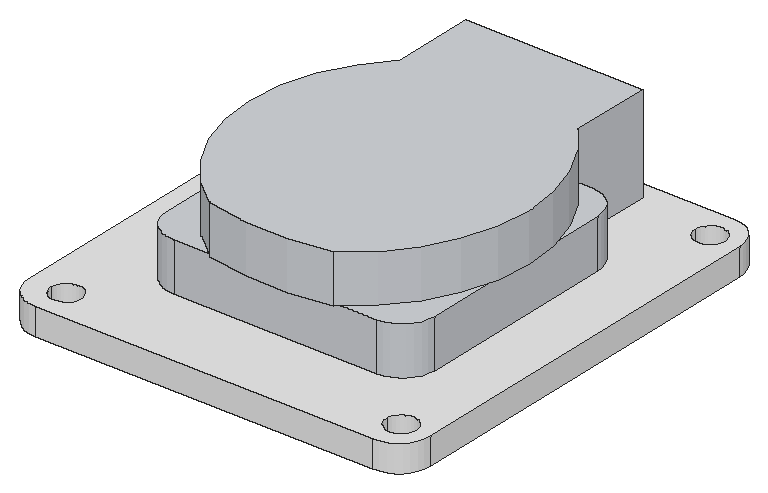
Revit family "Building-IEC309Connections-GEWISS-IEC309HP-10°_FLUSH-MOUNT_SOCKET_GERMAN_STD", category Apparecchi elettrici, host Superficie, Revit 2019
Family settings
  Host = Superficie
  Mantenere orientamento annotazione = Sì
  Quota connettore circolare = Usa diametro
  Tipo di parte = Normale
  Taglio con vuoti quando caricato = No
  Condiviso = No
  Punto di calcolo locali = Sì
Parameters (values of type "GW62393 - SCHUKO IP54 S.O. 230V WITH FLANGE")
  simbolo acceso [instance] = yes
  distanza_simbolo [instance] = 1 mm
  distanza dal piano [instance] = 0 mm
  W = 115 mm  # constant formula
  Version file RFA = "21.11"
  URL = "https://www.gewiss.com/ww/en"
  Typology = ""
  Type of wiring = "With screw"
  Thermo-pressure with ball = "125 °C (active parts) - 80 °C (passive parts)"
  Terminal tightening capacity = ""
  Technical sheet = "https://www.gewiss.com/ww/en/search?q=GW62393"
  Standard: = "German"
  Spostamento_effettivo_S [instance] = 4000 mm - Spostamento_S  # 3043.5 mm
  Spostamento_S = 956.5 mm
  Sportello_visibile = yes
  SPinotto = Default(2)
  SEO = "Socket outlet"
  Realized by GEWISS S.p.A. = ""
  Rated voltage = "230V"
  Rated current (A) = "16"
  Prospetto di default = 500 mm
  Produttore = "GEWISS S.p.A."
  Piastra = Default(2)
  Operating temperature: = "-25 +55 °C"
  No. of poles = "2P+E"
  Modello = "GW62393"
  L = 155 mm  # constant formula
  Immagine tipo = <Nessuno>
  IP degree = "IP54"
  IDT = "49630d0f696a4c5082891f2d21ac5637"
  IDF = "6acd13ef-2857-43e8-91d6-d3824b6fb20d"
  Glow wire test: = "850 °C (active parts) - 650 °C (passive parts)"
  Frequency = "50/60 Hz"
  Flange dimensions (mm) = "50x50"
  FORMULA = 1000 mm * 1  # 1000 mm
  Electrocod = ""
  Descrizione = "SCHUKO IP54 S.O. 230V WITH FLANGE"
  Corpo centrale = Default(2)
  Colour: = "Blue"
  Catalogue = "BUILDING"
  COBie.Tagnumber = ""
  COBie.CreatedOn = ""
  COBie.CreatebBy = ""
  COBie.ComponentRegisterItemID = ""
  COBie.Component.TagNumber = ""
  COBie.Component.Space = ""
  COBie.Component.SerialNumber = ""
  COBie.Component.InstallationDate = ""
  COBie.Component.Description = ""
  COBie.Component.BarCode = ""
  BLOCCO = "B=C"
Types (2, lengths in mm): name | Typology | Terminal tightening capacity | Technical sheet | Rated voltage | Modello | IDT | Flange dimensions (mm) | Electrocod | Descrizione
  GW62392 - SCHUKO IP54 S.O. 200-250V WITH FLANGE | "Flush-mounting socket-outlet with shutter" | "1-2.5 mm² flexible cables - 1.5-2.5 mm² rigid cables" | "https://www.gewiss.com/ww/en/search?q=GW62392" | "200-250V" | "GW62392" | "a890bc9de3364c1ba520ef489f5bc169" | "85x75" | "2211" | "SCHUKO IP54 S.O. 200-250V WITH FLANGE"
  GW62393 - SCHUKO IP54 S.O. 230V WITH FLANGE | "" | "" | "https://www.gewiss.com/ww/en/search?q=GW62393" | "230V" | "GW62393" | "49630d0f696a4c5082891f2d21ac5637" | "50x50" | "" | "SCHUKO IP54 S.O. 230V WITH FLANGE"
Reference planes
  plane 1 "Centro (Fronte/Retro)": y = 0
  plane 2: z = 0
  plane 3 "Centro (Sinistra/Destra)": x = 0
  plane 4: x = -3000
  plane 5: x = 43.5
  plane 6: z = 0
Dimensions and locks
  plane 4 to plane 3 "Centro (Sinistra/Destra)" = 3000 mm
  "Spostamento_effettivo_S": plane 4 to plane 5
  "distanza dal piano": plane 6 to plane 2
  aligned and locked: plane 2 to host face
  aligned and locked: level to host face
  aligned and locked: nested 1 to plane 5
  aligned and locked: plane 1 "Centro (Fronte/Retro)" to nested 2
  aligned and locked: plane 3 "Centro (Sinistra/Destra)" to nested 2
Automatic sketch dimensions
  host sketch curve to host sketch curve = 2438.4 mm  (x2)
Nested families
  nested 1: "GWGW62201FH - SIMBOLO_PRESA" at (43.5, 171.559, 0), visible <- "simbolo acceso", Distanza dal muro <- "distanza_simbolo", type "3P"
    with SIMBOLO ACCESO yes, Distanza dal muro 1 mm
  nested 2: "IEC309 PRESA FISSA INCASSO STANDARD TEDESCO 16A_base" at (0, 0, 0), type "IEC309 PRESA FISSA INCASSO STANDARD TEDESCO 16A_base"
Definition of nested family "IEC309 PRESA FISSA INCASSO STANDARD TEDESCO 16A_base"
  Parameters (values of type "IEC309 PRESA FISSA INCASSO STANDARD TEDESCO 16A_base")
    sp_ghiera = 16 mm
    h = 84 mm  # constant formula
    dis_base = 71 mm
    Sportello = yes
    Spinotto = none
    PIASTRA = none
    CENTRALE = none
    Bsae = 75 mm  # constant formula
  Reference planes
    plane 1 "Centro (Fronte/Retro)": y = 0
    plane 2: z = 0
    plane 3 "Centro (Sinistra/Destra)": x = 0
    plane 4: x = 75
    plane 5: y = 84
    plane 6: z = 5
    plane 7: x = 13.244
    plane 8: y = 15.586
    plane 9: y = 65.605
    plane 10: x = 63.263
    plane 11: z = 14.044
    plane 12: z = 23.044
  Forms (mm)
    Extrusion 1, solid, material <- "PIASTRA"
      sketch origin (0, 0, 0) x (1, 0, 0) y (0, 1, 0)
        loop
          line (0, 78) -> (0, 6)
          arc (0, 6) -> (1.757, 1.757) -> (6, 0) r 6
          line (6, 0) -> (69, 0)
          arc (69, 0) -> (73.243, 1.757) -> (75, 6) r 6
          line (75, 6) -> (75, 78)
          arc (75, 78) -> (73.243, 82.243) -> (69, 84) r 6
          line (69, 84) -> (6, 84)
          arc (6, 84) -> (1.757, 82.243) -> (0, 78) r 6
      from 0 to 5
    Extrusion 2, solid
      sketch origin (0, 0, 0) x (1, 0, 0) y (0, 1, 0)
        loop
          arc (19.244, 65.605) -> (15.002, 63.847) -> (13.244, 59.605) r 6
          line (13.244, 59.605) -> (13.244, 21.586)
          arc (13.244, 21.586) -> (15.002, 17.343) -> (19.244, 15.586) r 6
          line (19.244, 15.586) -> (57.263, 15.586)
          arc (57.263, 15.586) -> (61.506, 17.343) -> (63.263, 21.586) r 6
          line (63.263, 21.586) -> (63.263, 59.605)
          arc (63.263, 59.605) -> (61.506, 63.847) -> (57.263, 65.605) r 6
          line (57.263, 65.605) -> (19.244, 65.605)
      from 5 to 14.044
    Extrusion 3, void
      sketch origin (0, 0, 0) x (1, 0, 0) y (0, 1, 0)
        loop
          circle (6.956, 78.02) r 2.851
        loop
          circle (69.552, 78.02) r 2.851
        loop
          circle (6.956, 5.98) r 2.851
        loop
          circle (69.552, 5.98) r 2.851
      from 0 to 5
    Extrusion 4, solid
      sketch origin (0, 0, 0) x (1, 0, 0) y (0, 1, 0)
        loop
          line (21.741, 80.673) -> (21.741, 65.605)
          arc (21.741, 65.605) -> (12.323, 39.096) -> (26.662, 14.893) r 33.157
          arc (26.662, 14.893) -> (38.254, 13.587) -> (49.846, 14.893) r 52.094
          arc (49.846, 14.893) -> (64.185, 39.096) -> (54.767, 65.605) r 33.157
          line (54.767, 65.605) -> (54.767, 80.673) -> (21.741, 80.673)
      from 14.044 to 23.044
    Extrusion 5, solid
      sketch origin (0, 0, 0) x (1, 0, 0) y (0, 1, 0)
        loop
          line (54.767, 80.673) -> (21.741, 80.673) -> (21.741, 65.605) -> (54.767, 65.605) -> (54.767, 80.673)
      from 5 to 23.044
  Cuts and joins
    Extrusion 3 cuts Extrusion 1
    joined: Extrusion 4, Extrusion 5
  Dimensions and locks
    "Bsae": plane 3 "Centro (Sinistra/Destra)" to plane 4
    "h": plane 1 "Centro (Fronte/Retro)" to plane 5
    locked: plane 6 to level at 5
    locked: plane 5 to plane 9 at 18.395
    locked: plane 3 "Centro (Sinistra/Destra)" to plane 7 at 13.244
    locked: plane 10 to plane 4 at 11.737
    locked: plane 1 "Centro (Fronte/Retro)" to plane 8 at 15.586
    locked: plane 11 to plane 6 at 9.044
    plane 1 "Centro (Fronte/Retro)" to Extrusion 4 = 80.673 mm
    locked: plane 12 to plane 11 at 9
    plane 11 to plane 6 = 9.044 mm
    radius of Extrusion 1 sketch curve = 6 mm  (x4)
    radius of Extrusion 2 sketch curve = 6 mm  (x4)
    aligned and locked: level to plane 2
    aligned and locked: Extrusion 1 sketch curve to plane 3 "Centro (Sinistra/Destra)"
    aligned and locked: Extrusion 1 sketch curve to plane 5
    aligned and locked: Extrusion 1 sketch curve to plane 4
    aligned and locked: Extrusion 1 sketch curve to plane 1 "Centro (Fronte/Retro)"
    aligned and locked: plane 6 to Extrusion 1
    aligned and locked: Extrusion 2 sketch curve to plane 9
    aligned and locked: Extrusion 2 sketch curve to plane 10
    aligned and locked: Extrusion 2 sketch curve to plane 7
    aligned and locked: Extrusion 2 to plane 6
    aligned and locked: plane 11 to Extrusion 2
    aligned and locked: plane 12 to Extrusion 4
    aligned and locked: Extrusion 4 to Extrusion 2
    aligned and locked: Extrusion 1 to Extrusion 3
    aligned and locked: Extrusion 5 sketch curve to Extrusion 4  (x3)
    aligned and locked: Extrusion 5 sketch curve to plane 9
    aligned and locked: Extrusion 5 to plane 6
    aligned and locked: plane 12 to Extrusion 5
  Automatic sketch dimensions
    plane 8 to Extrusion 2 sketch curve = 0 mm
    Extrusion 3 sketch curve to plane 7 = 6.288 mm  (x2)
    plane 4 to Extrusion 3 sketch curve = 5.448 mm  (x2)
    Extrusion 3 sketch curve to plane 1 "Centro (Fronte/Retro)" = 5.98 mm  (x2)
    Extrusion 3 sketch curve to plane 5 = 5.98 mm  (x2)
    Extrusion 4 sketch curve to plane 9 = 0 mm
    Extrusion 4 sketch curve to plane 5 = 3.327 mm
    plane 7 to Extrusion 4 sketch curve = 8.497 mm
    plane 7 to Extrusion 4 sketch curve = 17.938 mm
    plane 9 to Extrusion 4 sketch curve = 0.076 mm
    Extrusion 4 sketch curve to Extrusion 4 sketch curve = 16.513 mm
    Extrusion 4 sketch curve to Extrusion 4 sketch curve = 14.144 mm
    plane 10 to Extrusion 4 sketch curve = 8.497 mm
    Extrusion 4 sketch curve to plane 9 = 23.306 mm
    Extrusion 4 sketch curve to Extrusion 4 sketch curve = 0 mm
    plane 9 to Extrusion 4 sketch curve = 0 mm
    plane 8 to Extrusion 4 sketch curve = 0.693 mm
    radius of Extrusion 3 sketch curve = 2.851 mm  (x4)
Definition of nested family "GWGW62201FH - SIMBOLO_PRESA"
  Parameters (values of type "3P")
    SIMBOLO ACCESO [instance] = yes
    Distanza dal muro [instance] = 0 mm
  Reference planes
    plane 1: y = 0
    plane 2: x = 0
  Dimensions and locks
    "Distanza dal muro": plane 1 to nested 1
    aligned and locked: plane 2 to nested 1
  Nested families
    nested 1: "GWGW62201FH - SIMBOLO" at (0, 0, 0), visible <- "SIMBOLO ACCESO", type "3P"
  Definition of nested family "GWGW62201FH - SIMBOLO"
    Parameters (values of type "3P")
      CORNICE SIMBOLO [instance] = yes
      3P = yes
    Reference planes
      plane 1: y = 0
      plane 2: x = 0
    Lines and regions (mm)
      detail lines
        curve 1: circle (-0.314, 0.674, 0) r 0.057 normal (0, 0, 1)
        curve 2: arc (0.346, -0.009, 0) -> (0, 0.337, 0) -> (-0.346, -0.009, 0) r 0.346
        curve 3: line (0, 0.337, 0) -> (0.346, 0.337, 0)
        curve 4: line (0, 3.386, 0) -> (0, 0.337, 0)
        curve 5: line (0, 0.337, 0) -> (-0.314, 0.674, 0)
